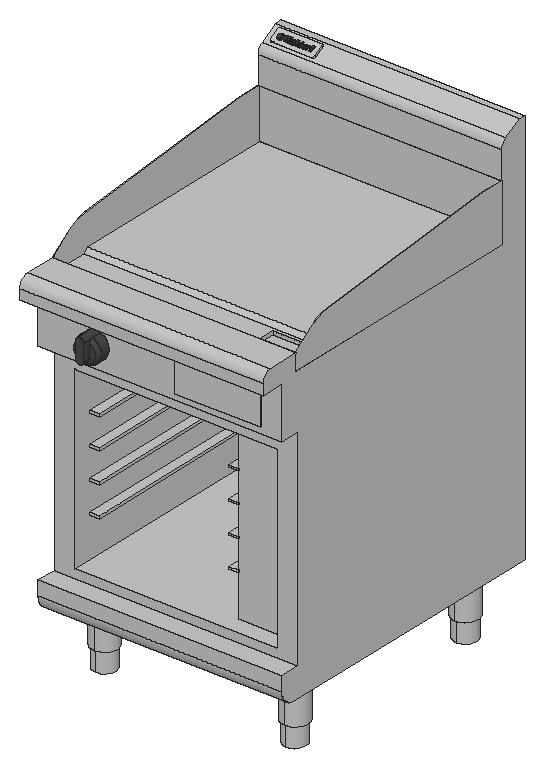
Revit family "QF_MOFFAT WALDORF_GP8600E-CB ", category Specialty Equipment, Revit 2012
Parameters
  Weight in Pounds = 264.5544  # constant formula
  Width [instance] = 600.00 mm  # constant formula
  Watts = 7200 W
  Volts = 240 V
  URL Cutsheet = "www.moffat.com"
  URL = "www.moffat.com"
  Type Mark [instance] = ""
  Status [instance] = ""
  Specification by User [instance] = ""
  Specification by Manufacturer = ""
  Show Logo [instance] = yes
  Show Casters [instance] = no
  Serial Number = ""
  Seismic Rating = ""
  SMACNA No = ""
  Revision Code [instance] = ""
  Phase = 1
  Omniclass Number and Title = ""
  Number of Poles = 1
  NAFEM Spec ID Number = ""
  Model = "GP8600E-CB"
  Min Ckt Ampacity = 0 A
  Max Overcurrent Protection = 0 A
  Masterspec = ""
  Manufacturer = "MOFFAT WALDORF"
  Legs [instance] = not(Show Casters)  # yes
  Item Number [instance] = ""
  Installed By [instance] = ""
  Identify Quantity as Lot [instance] = yes
  Height = 1130.00 mm  # constant formula
  HP = ""
  Furnished By [instance] = ""
  Foodservice Equipment Identifier [instance] = yes
  FL Amps = 30 A
  Elec Conn RI Height = 0.00 mm
  Elec Conn Connection Height = 0.00 mm
  Description = "GRIDDLE PLATE ELECTRIC ON CABINET BASE"
  Depth [instance] = 805.00 mm  # constant formula
  Cycle = 50 Hz
  Conn Plug = ""
  Conn Conduit = yes
  CSI MasterFormat = ""
  CSI Master Format = ""
  Back Splash [instance] = 215.00 mm  # constant formula
  Apparent Power = if(Phase = 3, Volts * FL Amps * 1.73, Volts * FL Amps)  # 7200 VA
Reference planes
  plane 1 "BACK": y = 0
  plane 2: z = 0
  plane 3 "LEFT": x = 0
  plane 4 "RIGHT": x = 600
  plane 5 "FRONT": y = -805
  plane 6 "TOP": z = 1130
  plane 7 "Center Y": x = 300
  plane 8 "Center X": y = -402.5
  plane 9 "Base Height": z = 150
  plane 10: z = 915
  plane 11: x = 65
  plane 12: x = 534
  plane 13: y = -625
  plane 14: y = -100
  plane 15: x = 470
  plane 16: y = -32
  plane 17: z = 710
Forms (mm)
  Extrusion 1, solid, material "QF_Finishes_Stainless Steel"
    sketch origin (0, 0, 0) x (0, 1, 0) y (0, 0, 1)
      loop
        line (-699, 222.5) -> (-749, 222.5) -> (-749, 188)
        arc (-749, 188) -> (-737.87, 161.13) -> (-711, 150) r 38
        line (-711, 150) -> (-699, 150) -> (-699, 222.5)
      loop
        line (-100, 150) -> (0, 150) -> (0, 1130) -> (-16.5, 1130) -> (-58, 1106.04)
        arc (-58, 1106.04) -> (-66.785, 1097.255) -> (-70, 1085.255) r 24
        line (-70, 1085.255) -> (-70, 875) -> (-705, 875) -> (-705, 915) -> (-781, 915)
        arc (-781, 915) -> (-797.971, 907.971) -> (-805, 891) r 24
        line (-805, 891) -> (-805, 866) -> (-749, 866) -> (-749, 740) -> (-100, 740) -> (-100, 150)
    from 0 to 600
  Revolve 2, solid, material "QF_Finishes_Stainless Steel", visible <- "Legs"
    sketch origin (534, -210, 0) x (0, 1, 0) y (0, 0, -1)
      loop
        line (78.25, -150) -> (110, -150) -> (110, 0) -> (82.5, 0) -> (82.5, -50) -> (78.25, -50) -> (78.25, -150)
      axis (110, -150) -> (110, 0)
    angle from 0 to 360
  Revolve 3, solid, material "QF_Finishes_Stainless Steel"
    sketch origin (534, -735, 0) x (0, 1, 0) y (0, 0, -1)
      loop
        line (78.25, -150) -> (110, -150) -> (110, 0) -> (82.5, 0) -> (82.5, -50) -> (78.25, -50) -> (78.25, -150)
      axis (110, -150) -> (110, 0)
    angle from 0 to 360
  Revolve 4, solid, material "QF_Finishes_Stainless Steel", visible <- "Legs"
    sketch origin (65, -210, 0) x (0, 1, 0) y (0, 0, -1)
      loop
        line (78.25, -150) -> (110, -150) -> (110, 0) -> (82.5, 0) -> (82.5, -50) -> (78.25, -50) -> (78.25, -150)
      axis (110, -150) -> (110, 0)
    angle from 0 to 360
  Revolve 5, solid, material "QF_Finishes_Stainless Steel"
    sketch origin (65, -735, 0) x (0, 1, 0) y (0, 0, -1)
      loop
        line (78.25, -150) -> (110, -150) -> (110, 0) -> (82.5, 0) -> (82.5, -50) -> (78.25, -50) -> (78.25, -150)
      axis (110, -150) -> (110, 0)
    angle from 0 to 360
  Revolve 6, solid, material "QF_Finishes_Black"
    sketch origin (150, 0, 602.373) x (0, 1, 0) y (0, 0, -1)
      loop
        line (-782, -229.5) -> (-759, -229.5) -> (-759, -202) -> (-749, -202) -> (-749, -197) -> (-793, -197) -> (-793, -223.651) -> (-782, -229.5)
      axis (-793, -197) -> (-749, -197)
    angle from 0 to 360
  Extrusion 7, solid, material "QF_Finishes_Black"
    sketch origin (288.27, 0, 602.531) x (-1, 0, 0) y (0, 0, -1)
      loop
        arc (148.269, -184.969) -> (138.269, -174.969) -> (128.269, -184.969) r 10
        line (128.269, -184.969) -> (128.269, -223.969)
        arc (128.269, -223.969) -> (138.269, -233.969) -> (148.269, -223.969) r 10
        line (148.269, -223.969) -> (148.269, -184.969)
    from 759 to 808
  Extrusion 8, solid, material "QF_Finishes_Stainless Steel"
    sketch origin (0, -749, 866) x (0, 0, -1) y (1, 0, 0)
      loop
        line (24, 340) -> (111, 340) -> (111, 550) -> (24, 550) -> (24, 340)
    from 0 to 2.5
  Extrusion 9, solid, material "QF_Finishes_Stainless Steel"
    sketch origin (0, -751.5, 866) x (0, 0, -1) y (1, 0, 0)
      loop
        line (31, 550) -> (24, 550) -> (24, 340) -> (31, 340) -> (31, 550)
    from 0 to 5
  Extrusion 10, solid, material "QF_Finishes_Stainless Steel"
    sketch origin (0, 0, 740) x (0, -1, 0) y (-1, 0, 0)
      loop
        circle (32, -470) r 10
    from 0 to 30
  Extrusion 11, solid, material "QF_Finishes_Stainless Steel"
    sketch origin (0, -100, 150) x (0, 0, 1) y (-1, 0, 0)
      loop
        line (0, 0) -> (0, -600) -> (590, -600) -> (590, 0) -> (0, 0)
      loop
        line (535, -50) -> (92.5, -50) -> (92.5, -550) -> (535, -550) -> (535, -50)
    from 0 to 599
  Extrusion 12, void
    sketch origin (0, 0, 150) x (-1, 0, 0) y (0, -1, 0)
      loop
        line (-535.614, 87.26) -> (-535.614, -30.24) -> (-406.114, -30.24) -> (-406.114, 38.76) -> (-454.614, 87.26) -> (-535.614, 87.26)
    from 72.5 to 590
  Extrusion 13, solid, material "QF_Finishes_Stainless Steel"
    sketch origin (0, -100, 150) x (0, 0, 1) y (-1, 0, 0)
      loop
        line (268.75, -50) -> (268.75, -75) -> (275.1, -75) -> (275.1, -50) -> (268.75, -50)
      loop
        line (350.1, -75) -> (350.1, -50) -> (343.75, -50) -> (343.75, -75) -> (350.1, -75)
      loop
        line (193.75, -50) -> (193.75, -75) -> (200.1, -75) -> (200.1, -50) -> (193.75, -50)
      loop
        line (425.1, -75) -> (425.1, -50) -> (418.75, -50) -> (418.75, -75) -> (425.1, -75)
      loop
        line (268.75, -419.5) -> (275.1, -419.5) -> (275.1, -394.5) -> (268.75, -394.5) -> (268.75, -419.5)
      loop
        line (350.1, -394.5) -> (343.75, -394.5) -> (343.75, -419.5) -> (350.1, -419.5) -> (350.1, -394.5)
      loop
        line (193.75, -419.5) -> (200.1, -419.5) -> (200.1, -394.5) -> (193.75, -394.5) -> (193.75, -419.5)
      loop
        line (425.1, -394.5) -> (418.75, -394.5) -> (418.75, -419.5) -> (425.1, -419.5) -> (425.1, -394.5)
    from 0 to 554
  Extrusion 14, solid, material "QF_Finishes_Stainless Steel"
    sketch origin (0, -100, 150) x (0, 0, 1) y (-1, 0, 0)
      loop
        line (535, -550) -> (535, -419.5) -> (92.5, -419.5) -> (92.5, -550) -> (535, -550)
    from 546.898 to 554
Cuts and joins
  joined: Extrusion 8, Extrusion 9
  Extrusion 12 cuts Extrusion 1
  joined: Extrusion 1, Extrusion 11
Lines and regions (mm)
  Split face 1
    outline origin (12.5, -16.5, 1130) x (0, -0.866025, -0.5) y (1, 0, 0)
      loop
        line (5.391, 151.462) -> (40.361, 151.462) -> (40.361, 169.241) -> (5.391, 169.241) -> (5.391, 151.462)
  Split face 2
    outline origin (66.25, -16.5, 1130) x (0, -0.866025, -0.5) y (1, 0, 0)
      loop
        line (5.391, 151.462) -> (40.361, 151.462) -> (40.361, 169.241) -> (5.391, 169.241) -> (5.391, 151.462)
  Split face 3
    outline origin (120, -16.5, 1130) x (0, -0.866025, -0.5) y (1, 0, 0)
      loop
        line (5.391, 151.462) -> (40.361, 151.462) -> (40.361, 169.241) -> (5.391, 169.241) -> (5.391, 151.462)
  Split face 4
    outline origin (173.75, -16.5, 1130) x (0, -0.866025, -0.5) y (1, 0, 0)
      loop
        line (5.391, 151.462) -> (40.361, 151.462) -> (40.361, 169.241) -> (5.391, 169.241) -> (5.391, 151.462)
  Split face 5
    outline origin (227.5, -16.5, 1130) x (0, -0.866025, -0.5) y (1, 0, 0)
      loop
        line (5.391, 151.462) -> (40.361, 151.462) -> (40.361, 169.241) -> (5.391, 169.241) -> (5.391, 151.462)
  Split face 6
    outline origin (281.25, -16.5, 1130) x (0, -0.866025, -0.5) y (1, 0, 0)
      loop
        line (5.391, 151.462) -> (40.361, 151.462) -> (40.361, 169.241) -> (5.391, 169.241) -> (5.391, 151.462)
  Split face 7
    outline origin (335, -16.5, 1130) x (0, -0.866025, -0.5) y (1, 0, 0)
      loop
        line (5.391, 151.462) -> (40.361, 151.462) -> (40.361, 169.241) -> (5.391, 169.241) -> (5.391, 151.462)
  symbolic lines
    curve 1: line (0, 0, 0) -> (0, -805, 0)
    curve 2: line (600, 0, 0) -> (0, 0, 0)
    curve 3: line (600, -805, 0) -> (600, 0, 0)
    curve 4: line (0, -70, 0) -> (600, -70, 0)
    curve 5: line (0, -805, 0) -> (600, -805, 0)
    curve 6: line (12.5, -20.958, 0) -> (121.5, -20.958, 0)
    curve 7: line (12.5, -51.234, 0) -> (12.5, -20.958, 0)
    curve 8: line (121.5, -20.958, 0) -> (121.5, -51.234, 0)
    curve 9: line (12.5, -51.234, 0) -> (121.5, -51.234, 0)
    curve 10: line (181.741, -21.168, 0) -> (181.741, -51.453, 0)
    curve 11: line (181.741, -51.453, 0) -> (163.962, -51.453, 0)
    curve 12: line (163.962, -51.453, 0) -> (163.962, -21.168, 0)
    curve 13: line (163.962, -21.168, 0) -> (181.741, -21.168, 0)
    curve 14: line (217.712, -51.453, 0) -> (217.712, -21.168, 0)
    curve 15: line (217.712, -21.168, 0) -> (235.491, -21.168, 0)
    curve 16: line (235.491, -21.168, 0) -> (235.491, -51.453, 0)
    curve 17: line (235.491, -51.453, 0) -> (217.712, -51.453, 0)
    curve 18: line (271.462, -51.453, 0) -> (271.462, -21.168, 0)
    curve 19: line (271.462, -21.168, 0) -> (289.241, -21.168, 0)
    curve 20: line (289.241, -21.168, 0) -> (289.241, -51.453, 0)
    curve 21: line (289.241, -51.453, 0) -> (271.462, -51.453, 0)
    curve 22: line (325.212, -21.168, 0) -> (325.212, -51.453, 0)
    curve 23: line (325.212, -51.453, 0) -> (342.991, -51.453, 0)
    curve 24: line (342.991, -51.453, 0) -> (342.991, -21.168, 0)
    curve 25: line (342.991, -21.168, 0) -> (325.212, -21.168, 0)
    curve 26: line (378.962, -51.453, 0) -> (378.962, -21.168, 0)
    curve 27: line (378.962, -21.168, 0) -> (396.741, -21.168, 0)
    curve 28: line (396.741, -21.168, 0) -> (396.741, -51.453, 0)
    curve 29: line (396.741, -51.453, 0) -> (378.962, -51.453, 0)
    curve 30: line (432.712, -21.168, 0) -> (432.712, -51.453, 0)
    curve 31: line (432.712, -51.453, 0) -> (450.491, -51.453, 0)
    curve 32: line (450.491, -51.453, 0) -> (450.491, -21.168, 0)
    curve 33: line (450.491, -21.168, 0) -> (432.712, -21.168, 0)
    curve 34: line (486.462, -51.453, 0) -> (486.462, -21.168, 0)
    curve 35: line (486.462, -21.168, 0) -> (504.241, -21.168, 0)
    curve 36: line (504.241, -21.168, 0) -> (504.241, -51.453, 0)
    curve 37: line (504.241, -51.453, 0) -> (486.462, -51.453, 0)
Dimensions and locks
  equal spacing: plane 3 "LEFT", plane 7 "Center Y", plane 4 "RIGHT"
  "Width": plane 3 "LEFT" to plane 4 "RIGHT"
  equal spacing: plane 5 "FRONT", plane 8 "Center X", plane 1 "BACK"
  "Depth": plane 5 "FRONT" to plane 1 "BACK"
  locked: plane 10 to level at 915
  locked: plane 9 "Base Height" to level at 150
  plane 6 "TOP" to nested 1 to nested 1 to plane 10 = 1.099 mm locked, 17.226 mm locked, 196.675 mm
  plane 13 to plane 14 = 525.00 mm
  plane 12 to plane 11 = 469.00 mm
  "Height": plane 6 "TOP" to level
  plane 15 to plane 4 "RIGHT" = 130.00 mm
  plane 16 to plane 1 "BACK" = 32.00 mm
  plane 17 to level = 710.00 mm
  aligned and locked: level to plane 2
Automatic sketch dimensions
  plane 1 "BACK" to curve 1 = 0.00 mm
  curve 1 to plane 3 "LEFT" = 0.00 mm
  curve 3 to plane 4 "RIGHT" = 0.00 mm
  plane 5 "FRONT" to curve 5 = 0.00 mm
  plane 3 "LEFT" to curve 6 = 12.50 mm
  plane 11 to curve 9 = 56.50 mm
  plane 14 to curve 4 = 30.00 mm
  curve 4 to curve 7 = 18.766 mm
  plane 1 "BACK" to curve 6 = 20.958 mm
  Revolve 2 sketch curve to plane 9 "Base Height" = 0.00 mm
  Revolve 2 sketch curve to level = 0.00 mm
  Revolve 2 sketch curve to plane 14 = 0.00 mm  (x2)
  Revolve 2 sketch curve to plane 14 = 27.50 mm
  Revolve 2 sketch curve to plane 14 = 31.75 mm
  level to Revolve 2 sketch curve = 50.00 mm
  Revolve 2 sketch curve to Revolve 2 sketch curve = 0.00 mm
  Revolve 2 sketch curve to Revolve 2 sketch curve = 55.00 mm
  Revolve 3 sketch curve to plane 9 "Base Height" = 0.00 mm
  Revolve 3 sketch curve to level = 0.00 mm
  Revolve 3 sketch curve to plane 13 = 0.00 mm  (x2)
  Revolve 3 sketch curve to plane 13 = 27.50 mm
  Revolve 3 sketch curve to plane 13 = 31.75 mm
  level to Revolve 3 sketch curve = 50.00 mm
  Revolve 3 sketch curve to Revolve 3 sketch curve = 0.00 mm
  Revolve 3 sketch curve to Revolve 3 sketch curve = 55.00 mm
  Revolve 4 sketch curve to plane 9 "Base Height" = 0.00 mm
  Revolve 4 sketch curve to level = 0.00 mm
  Revolve 4 sketch curve to plane 14 = 0.00 mm  (x2)
  Revolve 4 sketch curve to plane 14 = 27.50 mm
  Revolve 4 sketch curve to plane 14 = 31.75 mm
  level to Revolve 4 sketch curve = 50.00 mm
  Revolve 4 sketch curve to Revolve 4 sketch curve = 0.00 mm
  Revolve 4 sketch curve to Revolve 4 sketch curve = 55.00 mm
  Revolve 5 sketch curve to plane 9 "Base Height" = 0.00 mm
  Revolve 5 sketch curve to level = 0.00 mm
  Revolve 5 sketch curve to plane 13 = 0.00 mm  (x2)
  Revolve 5 sketch curve to plane 13 = 27.50 mm
  Revolve 5 sketch curve to plane 13 = 31.75 mm
  level to Revolve 5 sketch curve = 50.00 mm
  Revolve 5 sketch curve to Revolve 5 sketch curve = 0.00 mm
  Revolve 5 sketch curve to Revolve 5 sketch curve = 55.00 mm
  Extrusion 1 to Split face 1 sketch curve = 5.391 mm
  Split face 1 sketch curve to Extrusion 1 = 7.559 mm
  Split face 1 sketch curve to Extrusion 1 = 163.962 mm
  Split face 1 sketch curve to Split face 1 sketch curve = 17.779 mm
  Extrusion 1 to Split face 2 sketch curve = 5.391 mm
  Split face 2 sketch curve to Extrusion 1 = 7.559 mm
  Split face 2 sketch curve to Extrusion 1 = 217.712 mm
  Split face 2 sketch curve to Split face 2 sketch curve = 17.779 mm
  Extrusion 1 to Split face 3 sketch curve = 5.391 mm
  Split face 3 sketch curve to Extrusion 1 = 7.559 mm
  Split face 3 sketch curve to Extrusion 1 = 271.462 mm
  Split face 3 sketch curve to Split face 3 sketch curve = 17.779 mm
  Extrusion 1 to Split face 4 sketch curve = 5.391 mm
  Split face 4 sketch curve to Extrusion 1 = 7.559 mm
  Split face 4 sketch curve to Extrusion 1 = 274.788 mm
  Split face 4 sketch curve to Split face 4 sketch curve = 17.779 mm
  Extrusion 1 to Split face 5 sketch curve = 5.391 mm
  Split face 5 sketch curve to Extrusion 1 = 7.559 mm
  Split face 5 sketch curve to Extrusion 1 = 221.038 mm
  Split face 5 sketch curve to Split face 5 sketch curve = 17.779 mm
  Extrusion 1 to Split face 6 sketch curve = 5.391 mm
  Split face 6 sketch curve to Extrusion 1 = 7.559 mm
  Split face 6 sketch curve to Extrusion 1 = 167.288 mm
  Split face 6 sketch curve to Split face 6 sketch curve = 17.779 mm
  Extrusion 1 to Split face 7 sketch curve = 5.391 mm
  Split face 7 sketch curve to Extrusion 1 = 7.559 mm
  Split face 7 sketch curve to Extrusion 1 = 113.538 mm
  Split face 7 sketch curve to Split face 7 sketch curve = 17.779 mm
  curve 8 to curve 12 = 42.462 mm
  curve 12 to curve 13 = 17.779 mm
  curve 12 to curve 8 = 0.219 mm
  plane 1 "BACK" to curve 10 = 21.168 mm
  curve 10 to curve 15 = 35.971 mm
  curve 14 to curve 17 = 17.779 mm
  curve 10 to curve 17 = 0.00 mm
  plane 1 "BACK" to curve 15 = 21.168 mm
  curve 18 to plane 7 "Center Y" = 28.538 mm
  curve 21 to plane 7 "Center Y" = 10.759 mm
  curve 16 to curve 18 = 0.00 mm
  plane 1 "BACK" to curve 20 = 21.168 mm
  plane 7 "Center Y" to curve 23 = 25.212 mm
  curve 22 to curve 25 = 17.779 mm
  plane 14 to curve 24 = 48.547 mm
  plane 1 "BACK" to curve 25 = 21.168 mm
  curve 24 to curve 27 = 35.971 mm
  curve 26 to curve 29 = 17.779 mm
  plane 14 to curve 29 = 48.547 mm
  plane 1 "BACK" to curve 26 = 21.168 mm
  curve 28 to curve 30 = 35.971 mm
  curve 30 to curve 33 = 17.779 mm
  plane 14 to curve 32 = 48.547 mm
  plane 1 "BACK" to curve 33 = 21.168 mm
  curve 31 to curve 34 = 35.971 mm
  curve 34 to curve 37 = 17.779 mm
  plane 14 to curve 37 = 48.547 mm
  plane 1 "BACK" to curve 34 = 21.168 mm
  Revolve 6 sketch curve to plane 5 "FRONT" = 12.00 mm
  Revolve 6 sketch curve to Revolve 6 sketch curve = 0.00 mm  (x2)
  Revolve 6 sketch curve to Revolve 6 sketch curve = 11.00 mm
  Revolve 6 sketch curve to Revolve 6 sketch curve = 12.70 mm
  Revolve 6 sketch curve to Revolve 6 sketch curve = 23.00 mm
  Revolve 6 sketch curve to Revolve 6 sketch curve = 10.00 mm
  plane 9 "Base Height" to Revolve 6 sketch curve = 681.873 mm
  Revolve 6 sketch curve to Revolve 6 sketch curve = 5.849 mm
  Revolve 6 sketch curve to Revolve 6 sketch curve = 27.50 mm
  Revolve 6 sketch curve to Revolve 6 sketch curve = 5.00 mm
  plane 11 to Extrusion 7 sketch curve = 95.001 mm
  Extrusion 7 sketch curve to Extrusion 7 sketch curve = 10.00 mm
  plane 9 "Base Height" to Extrusion 7 sketch curve = 676.50 mm
  plane 9 "Base Height" to Extrusion 7 sketch curve = 637.50 mm
  Extrusion 9 sketch curve to Extrusion 8 = 0.00 mm  (x2)
  Extrusion 8 to Extrusion 9 sketch curve = 0.00 mm
  Extrusion 9 sketch curve to Extrusion 8 = 7.00 mm
  Extrusion 1 to Extrusion 8 sketch curve = 24.00 mm
  Extrusion 8 sketch curve to Extrusion 1 = 15.00 mm
  Extrusion 1 to Extrusion 8 sketch curve = 260.00 mm
  Extrusion 1 to Extrusion 8 sketch curve = 50.00 mm
  Extrusion 1 sketch curve to plane 5 "FRONT" = 0.00 mm
  Extrusion 1 sketch curve to plane 10 = 0.00 mm
  Extrusion 1 sketch curve to plane 9 "Base Height" = 0.00 mm  (x2)
  Extrusion 1 sketch curve to plane 14 = 0.00 mm
  Extrusion 1 sketch curve to plane 6 "TOP" = 0.00 mm
  Extrusion 1 sketch curve to plane 1 "BACK" = 0.00 mm
  Extrusion 1 sketch curve to plane 5 "FRONT" = 24.00 mm
  Extrusion 1 sketch curve to plane 5 "FRONT" = 56.00 mm  (x2)
  Extrusion 1 sketch curve to Extrusion 1 sketch curve = 38.00 mm
  Extrusion 1 sketch curve to Extrusion 1 sketch curve = 44.00 mm
  Extrusion 1 sketch curve to Extrusion 1 sketch curve = 12.00 mm  (x2)
  plane 14 to Extrusion 1 sketch curve = 30.00 mm
  Extrusion 1 sketch curve to plane 16 = 14.00 mm
  plane 16 to Extrusion 1 sketch curve = 15.50 mm
  Extrusion 1 sketch curve to Extrusion 1 sketch curve = 34.50 mm
  Extrusion 1 sketch curve to Extrusion 1 sketch curve = 25.00 mm
  Extrusion 1 sketch curve to plane 10 = 40.00 mm
  Extrusion 1 sketch curve to plane 6 "TOP" = 44.745 mm
  Extrusion 1 to Extrusion 11 sketch curve = 0.00 mm
  Extrusion 11 sketch curve to Extrusion 1 = 0.00 mm  (x2)
  Extrusion 1 to Extrusion 11 sketch curve = 92.50 mm
  Extrusion 11 sketch curve to Extrusion 11 sketch curve = 92.50 mm
  Extrusion 1 to Extrusion 11 sketch curve = 50.00 mm  (x2)
  Extrusion 1 to Extrusion 11 sketch curve = 55.00 mm
  Extrusion 12 sketch curve to plane 12 = 1.614 mm
  Extrusion 12 sketch curve to plane 15 = 15.386 mm
  Extrusion 12 sketch curve to plane 16 = 6.76 mm
  Extrusion 12 sketch curve to plane 15 = 63.886 mm
  Extrusion 12 sketch curve to plane 1 "BACK" = 30.24 mm
  plane 14 to Extrusion 12 sketch curve = 12.74 mm
  Extrusion 1 to Extrusion 14 sketch curve = 92.50 mm
  Extrusion 1 to Extrusion 14 sketch curve = 55.00 mm
  Extrusion 1 to Extrusion 14 sketch curve = 50.00 mm
  Extrusion 14 sketch curve to Extrusion 14 sketch curve = 130.50 mm
  Extrusion 1 to Extrusion 13 sketch curve = 50.00 mm  (x2)
  Extrusion 1 to Extrusion 13 sketch curve = 193.75 mm  (x2)
  Extrusion 13 sketch curve to Extrusion 13 sketch curve = 6.35 mm  (x8)
  Extrusion 13 sketch curve to Extrusion 13 sketch curve = 68.65 mm  (x6)
  Extrusion 13 sketch curve to Extrusion 13 sketch curve = 25.00 mm  (x8)
  Extrusion 13 sketch curve to Extrusion 13 sketch curve = 0.00 mm  (x4)
  Extrusion 1 to Extrusion 13 sketch curve = 75.00 mm
  Extrusion 1 to Extrusion 13 sketch curve = 205.50 mm
  Extrusion 12 to Extrusion 10 sketch curve = 63.886 mm
  Extrusion 12 to Extrusion 10 sketch curve = 55.26 mm
  Extrusion 1 sketch curve to Extrusion 1 sketch curve = 135.00 mm
  radius of Extrusion 10 sketch curve = 10.00 mm
Nested families
  nested 1: "WALDORF-LOGO" at (12.5, -35.273, 1102.604), visible <- "Show Logo", type "WALDORF-LOGO", detail levels medium+fine
    with Type Mark "", Status "", Specification by User "", Revision Code "", Item Number "", Installed By "", Identify Quantity as Lot yes, Furnished By "", Foodservice Equipment Identifier yes
  nested 2: "GP8600E-CB-CASTERS" at (65, -127.5, 0), Show Casters <- "Show Casters", visible <- "Show Casters", type "GP8600E-CB-CASTERS"
    with Type Mark "", Status "", Specification by User "", Show Casters no, Revision Code "", Item Number "", Installed By "", Identify Quantity as Lot yes, Furnished By "", Foodservice Equipment Identifier yes
  nested 3: "GP8600E-CB-CASTERS" at (535, -127.5, 0), Show Casters <- "Show Casters", visible <- "Show Casters", type "GP8600E-CB-CASTERS"
    with Type Mark "", Status "", Specification by User "", Show Casters no, Revision Code "", Item Number "", Installed By "", Identify Quantity as Lot yes, Furnished By "", Foodservice Equipment Identifier yes
  nested 4: "GAS GRIDDLE PLATE" at (0, -70, 884.5), type "GAS GRIDDLE PLATE"
    with Type Mark "", Status "", Specification by User "", Show Clearance yes, Revision Code "", Number of Poles 1, Mechanical Remarks "", Mechanical Connection Type "", Item Number "", Installed By "", Identify Quantity as Lot yes, Gas RI Height 0.00 mm, Gas KW 0, Gas Input 0.0 Btu/h, Furnished By "", Foodservice Equipment Identifier yes, Electrical Remarks "", Electric Connection Type "", Elec Conn RI Height 0.00 mm, Elec Conn Connection Height 0.00 mm
Connectors
  electrical at (470, -32, 710), driven by "Volts", driven by "Watts"
    settings: on Extrusion 10, index 1, voltage 240 V, apparent load 7200 VA, apparent load phase1 0 VA, apparent load phase2 0 VA, apparent load phase3 0 VA, power factor 1, load classification "Other", number of poles 1, system type 30, power factor state 1, is connector primary yes, connector utility no, sub classification motor no, connector description "ELECTRICAL CONNECTION"
Definition of nested family "WALDORF-LOGO"
  Parameters (values of type "BT8300-CB-LOGO")
    Weight in Pounds = 0
    URL Cutsheet = ""
    Type Mark [instance] = ""
    Status [instance] = ""
    Specification by User [instance] = ""
    Specification by Manufacturer = ""
    Show Logo [instance] = yes
    Serial Number = ""
    Seismic Rating = ""
    SMACNA No = ""
    Revision Code [instance] = ""
    Omniclass Number and Title = ""
    NAFEM Spec ID Number = ""
    Masterspec = ""
    Item Number [instance] = ""
    Installed By [instance] = ""
    Identify Quantity as Lot [instance] = yes
    Furnished By [instance] = ""
    Foodservice Equipment Identifier [instance] = yes
    CSI MasterFormat = ""
    CSI Master Format = ""
  Reference planes
    plane 1 "BACK": y = 0
    plane 2: z = 0
    plane 3 "LEFT": x = 0
    plane 4 "RIGHT": x = 109
    plane 5 "FRONT": y = -1.588
    plane 6 "TOP": z = 34.14
    plane 7 "Center Y": x = 54.5
    plane 8 "Center X": y = -0.794
  Forms (mm)
    Extrusion 1, solid, material "QF_Finishes_Stainless Steel", visible <- "Show Logo"
      sketch origin (0, -15.16, 7.701) x (1, 0, 0) y (0, 0.863373, 0.504566)
        loop
          arc (5, 34.14) -> (1.464, 32.676) -> (0, 29.14) r 5
          line (0, 29.14) -> (0, 5)
          arc (0, 5) -> (1.464, 1.464) -> (5, 0) r 5
          line (5, 0) -> (104, 0)
          arc (104, 0) -> (107.536, 1.464) -> (109, 5) r 5
          line (109, 5) -> (109, 29.14)
          arc (109, 29.14) -> (107.536, 32.676) -> (104, 34.14) r 5
          line (104, 34.14) -> (5, 34.14)
      from 0 to 1.588
    Extrusion 2, solid, material "QF_Finishes_Black", visible <- "Show Logo"
      sketch origin (0, -15.961, 9.072) x (1, 0, 0) y (0, 0.863373, 0.504566)
        loop
          line (24.772, 23.214) -> (27.992, 10.301) -> (31.551, 10.301) -> (33.443, 17.364) -> (35.205, 10.301) -> (39.332, 10.301) -> (42.077, 23.214) -> (38.352, 23.214) -> (36.676, 15.33) -> (35, 23.214) -> (31.752, 23.214) -> (30.076, 15.33) -> (28.4, 23.214) -> (24.772, 23.214)
        loop
          line (42.272, 17.055) -> (45.703, 17.055)
          spline (45.703, 17.055) -> (45.741, 17.285) -> (45.852, 17.499) -> (46.028, 17.682) -> (46.258, 17.823) -> (46.526, 17.912) -> (46.813, 17.942) -> (47.1, 17.912) -> (47.368, 17.823) -> (47.597, 17.682) -> (47.774, 17.499) -> (47.884, 17.285) -> (47.922, 17.055)
          line (47.922, 17.055) -> (47.922, 16.222)
          arc (47.922, 16.222) -> (45.742, 16.014) -> (43.665, 15.317) r 9.604
          arc (43.665, 15.317) -> (41.924, 12.809) -> (43.665, 10.301) r 2.677
          arc (43.665, 10.301) -> (45.527, 10.353) -> (47.332, 10.816) r 8.365
          line (47.332, 10.816) -> (48.092, 11.105) -> (48.092, 10.301) -> (51.817, 10.301) -> (51.817, 17.055)
          spline (51.817, 17.055) -> (51.654, 17.821) -> (51.178, 18.535) -> (50.419, 19.148) -> (49.431, 19.619) -> (48.28, 19.914) -> (47.044, 20.015) -> (45.809, 19.914) -> (44.658, 19.619) -> (43.67, 19.148) -> (42.911, 18.535) -> (42.434, 17.821) -> (42.272, 17.055)
        loop
          line (53.151, 23.214) -> (53.151, 10.301) -> (57.37, 10.301) -> (57.37, 23.214) -> (53.151, 23.214)
        loop
          line (64.874, 23.214) -> (64.874, 18.857)
          arc (64.874, 18.857) -> (58.083, 15.11) -> (64.874, 11.363) r 4.429
          line (64.874, 11.363) -> (64.874, 10.301) -> (68.378, 10.301) -> (68.378, 23.214) -> (64.874, 23.214)
        loop
          arc (64.874, 16.083) -> (61.41, 14.987) -> (64.874, 13.891) r 1.905
          line (64.874, 13.891) -> (64.874, 16.083)
        loop
          circle (74.623, 15.223) r 5
        loop
          spline (74.623, 17.856) -> (74.355, 17.766) -> (74.105, 17.503) -> (73.891, 17.084) -> (73.726, 16.539) -> (73.623, 15.904) -> (73.588, 15.223) -> (73.623, 14.541) -> (73.726, 13.906) -> (73.891, 13.361) -> (74.105, 12.942) -> (74.355, 12.679) -> (74.623, 12.59)
          spline (74.623, 12.59) -> (74.891, 12.679) -> (75.141, 12.942) -> (75.355, 13.361) -> (75.52, 13.906) -> (75.623, 14.541) -> (75.659, 15.223) -> (75.623, 15.904) -> (75.52, 16.539) -> (75.355, 17.084) -> (75.141, 17.503) -> (74.891, 17.766) -> (74.623, 17.856)
        loop
          line (81.255, 19.813) -> (81.255, 10.301) -> (84.834, 10.301) -> (84.834, 14.176)
          arc (84.834, 14.176) -> (85.854, 16.093) -> (88.013, 16.32) r 2.313
          line (88.013, 16.32) -> (88.013, 19.813) -> (87.161, 19.813)
          arc (87.161, 19.813) -> (85.526, 19.266) -> (84.549, 17.844) r 2.717
          line (84.549, 17.844) -> (84.549, 19.813) -> (81.255, 19.813)
        loop
          line (90.249, 19.813) -> (88.91, 19.813) -> (88.91, 17.614) -> (90.249, 17.614) -> (90.249, 10.301) -> (93.998, 10.301) -> (93.998, 17.614) -> (95.418, 17.614) -> (95.418, 19.813) -> (93.998, 19.813)
          arc (93.998, 19.813) -> (94.414, 20.817) -> (95.418, 21.233) r 1.42
          line (95.418, 21.233) -> (95.418, 23.602) -> (93.317, 23.602)
          arc (93.317, 23.602) -> (91.343, 22.903) -> (90.249, 21.118) r 3.137
          line (90.249, 21.118) -> (90.249, 19.813)
        loop
          arc (15.241, 23.571) -> (8.392, 16.525) -> (15.241, 9.479) r 7.049
          line (15.241, 9.479) -> (15.241, 23.571)
        loop
          line (15.641, 23.571) -> (15.641, 9.479)
          arc (15.641, 9.479) -> (22.49, 16.525) -> (15.641, 23.571) r 7.049
        loop
          arc (47.922, 14.711) -> (46.266, 13.749) -> (47.922, 12.787) r 1.107
          line (47.922, 12.787) -> (47.922, 14.711)
      from 0 to 0.2
  Dimensions and locks
    equal spacing: plane 3 "LEFT", plane 7 "Center Y", plane 4 "RIGHT"
    plane 3 "LEFT" to plane 4 "RIGHT" = 109.00 mm
    equal spacing: plane 5 "FRONT", plane 8 "Center X", plane 1 "BACK"
    plane 5 "FRONT" to plane 1 "BACK" = 1.588 mm
    aligned and locked: level to plane 2
  Automatic sketch dimensions
    Extrusion 1 sketch curve to plane 3 "LEFT" = 0.00 mm
    Extrusion 1 sketch curve to plane 4 "RIGHT" = 0.00 mm
    plane 3 "LEFT" to Extrusion 1 sketch curve = 5.00 mm  (x2)
    plane 4 "RIGHT" to Extrusion 1 sketch curve = 5.00 mm  (x2)
    Extrusion 1 sketch curve to Extrusion 1 sketch curve = 24.14 mm
    Extrusion 2 sketch curve to Extrusion 2 sketch curve = 0.00 mm  (x14)
    Extrusion 2 sketch curve to Extrusion 1 = 15.241 mm
    Extrusion 2 sketch curve to Extrusion 2 sketch curve = 0.20 mm
    Extrusion 2 sketch curve to Extrusion 2 sketch curve = 0.40 mm
    Extrusion 2 sketch curve to Extrusion 2 sketch curve = 9.131 mm
    Extrusion 2 sketch curve to Extrusion 1 = 10.301 mm  (x2)
    Extrusion 2 sketch curve to Extrusion 2 sketch curve = 12.351 mm
    Extrusion 2 sketch curve to Extrusion 2 sketch curve = 3.628 mm
    Extrusion 2 sketch curve to Extrusion 2 sketch curve = 2.084 mm
    Extrusion 2 sketch curve to Extrusion 2 sketch curve = 3.559 mm
    Extrusion 2 sketch curve to Extrusion 1 = 10.926 mm  (x2)
    Extrusion 2 sketch curve to Extrusion 2 sketch curve = 3.352 mm  (x2)
    Extrusion 2 sketch curve to Extrusion 2 sketch curve = 3.367 mm
    Extrusion 2 sketch curve to Extrusion 2 sketch curve = 3.249 mm
    Extrusion 2 sketch curve to Extrusion 2 sketch curve = 3.654 mm
    Extrusion 2 sketch curve to Extrusion 1 = 15.33 mm
    Extrusion 2 sketch curve to Extrusion 2 sketch curve = 3.233 mm
    Extrusion 2 sketch curve to Extrusion 2 sketch curve = 4.128 mm
    Extrusion 2 sketch curve to Extrusion 2 sketch curve = 3.725 mm
    Extrusion 2 sketch curve to Extrusion 2 sketch curve = 5.596 mm
    Extrusion 2 sketch curve to Extrusion 2 sketch curve = 4.333 mm
    Extrusion 2 sketch curve to Extrusion 2 sketch curve = 1.394 mm
    Extrusion 2 sketch curve to Extrusion 2 sketch curve = 2.092 mm
    Extrusion 2 sketch curve to Extrusion 2 sketch curve = 0.936 mm
    Extrusion 2 sketch curve to Extrusion 2 sketch curve = 1.34 mm
    Extrusion 2 sketch curve to Extrusion 2 sketch curve = 1.109 mm
    Extrusion 2 sketch curve to Extrusion 2 sketch curve = 0.232 mm
    Extrusion 2 sketch curve to Extrusion 2 sketch curve = 2.731 mm
    Extrusion 2 sketch curve to Extrusion 2 sketch curve = 0.549 mm  (x2)
    Extrusion 2 sketch curve to Extrusion 2 sketch curve = 0.407 mm
    Extrusion 2 sketch curve to Extrusion 2 sketch curve = 0.76 mm
    Extrusion 2 sketch curve to Extrusion 2 sketch curve = 1.334 mm
    Extrusion 2 sketch curve to Extrusion 2 sketch curve = 4.219 mm
    Extrusion 2 sketch curve to Extrusion 2 sketch curve = 5.142 mm
    Extrusion 2 sketch curve to Extrusion 2 sketch curve = 0.803 mm
    Extrusion 2 sketch curve to Extrusion 2 sketch curve = 1.558 mm
    Extrusion 2 sketch curve to Extrusion 2 sketch curve = 3.504 mm
    Extrusion 2 sketch curve to Extrusion 2 sketch curve = 6.245 mm
    Extrusion 2 sketch curve to Extrusion 2 sketch curve = 6.632 mm
    Extrusion 2 sketch curve to Extrusion 2 sketch curve = 3.294 mm
    Extrusion 2 sketch curve to Extrusion 2 sketch curve = 3.579 mm
    Extrusion 2 sketch curve to Extrusion 2 sketch curve = 2.313 mm
    Extrusion 2 sketch curve to Extrusion 2 sketch curve = 2.612 mm
    Extrusion 2 sketch curve to Extrusion 2 sketch curve = 0.852 mm
    Extrusion 2 sketch curve to Extrusion 2 sketch curve = 0.897 mm
    Extrusion 2 sketch curve to Extrusion 2 sketch curve = 3.102 mm
    Extrusion 2 sketch curve to Extrusion 2 sketch curve = 1.338 mm
    Extrusion 2 sketch curve to Extrusion 2 sketch curve = 3.068 mm
    Extrusion 2 sketch curve to Extrusion 2 sketch curve = 0.681 mm
    Extrusion 2 sketch curve to Extrusion 2 sketch curve = 3.749 mm
    Extrusion 2 sketch curve to Extrusion 2 sketch curve = 1.42 mm
    Extrusion 2 sketch curve to Extrusion 2 sketch curve = 5.029 mm  (x2)
    Extrusion 2 sketch curve to Extrusion 1 = 9.479 mm
    Extrusion 2 sketch curve to Extrusion 2 sketch curve = 3.681 mm
    Extrusion 2 sketch curve to Extrusion 2 sketch curve = 0.515 mm
    Extrusion 2 sketch curve to Extrusion 2 sketch curve = 0.804 mm
    Extrusion 2 sketch curve to Extrusion 2 sketch curve = 1.062 mm
    Extrusion 2 sketch curve to Extrusion 2 sketch curve = 1.682 mm
    Extrusion 2 sketch curve to Extrusion 2 sketch curve = 2.508 mm
    Extrusion 2 sketch curve to Extrusion 2 sketch curve = 0.962 mm
    Extrusion 2 sketch curve to Extrusion 2 sketch curve = 2.528 mm
    Extrusion 2 sketch curve to Extrusion 2 sketch curve = 3.875 mm
    Extrusion 2 sketch curve to Extrusion 2 sketch curve = 1.096 mm
    Extrusion 2 sketch curve to Extrusion 2 sketch curve = 0.123 mm
    Extrusion 2 sketch curve to Extrusion 2 sketch curve = 4.922 mm
    Extrusion 2 sketch curve to Extrusion 2 sketch curve = 7.046 mm
    Extrusion 2 sketch curve to Extrusion 2 sketch curve = 0.833 mm
    Extrusion 2 sketch curve to Extrusion 2 sketch curve = 0.776 mm
    Extrusion 2 sketch curve to Extrusion 2 sketch curve = 2.034 mm
    Extrusion 2 sketch curve to Extrusion 2 sketch curve = 7.314 mm
    Extrusion 2 sketch curve to Extrusion 2 sketch curve = 1.295 mm
    Extrusion 2 sketch curve to Extrusion 2 sketch curve = 0.749 mm
    Extrusion 2 sketch curve to Extrusion 2 sketch curve = 2.633 mm
    Extrusion 2 sketch curve to Extrusion 2 sketch curve = 2.198 mm  (x2)
    Extrusion 2 sketch curve to Extrusion 2 sketch curve = 1.968 mm
    Extrusion 2 sketch curve to Extrusion 2 sketch curve = 0.653 mm
    Extrusion 2 sketch curve to Extrusion 2 sketch curve = 1.305 mm
    Extrusion 2 sketch curve to Extrusion 2 sketch curve = 4.357 mm
    Extrusion 2 sketch curve to Extrusion 2 sketch curve = 6.159 mm
    radius of Extrusion 2 sketch curve = 5.00 mm
Definition of nested family "GAS GRIDDLE PLATE"
  Parameters (values of type "Family2")
    Weight in Pounds = 0
    Watts = 0 W
    Volts = 0 V
    URL Cutsheet = ""
    Type Mark [instance] = ""
    Status [instance] = ""
    Specification by User [instance] = ""
    Specification by Manufacturer = ""
    Show Clearance [instance] = yes
    Serial Number = ""
    Seismic Rating = ""
    SMACNA No = ""
    Revision Code [instance] = ""
    Phase = 1
    Omniclass Number and Title = ""
    Number of Poles [instance] = 1
    NAFEM Spec ID Number = ""
    Min Ckt Ampacity = 0 A
    Mechanical Remarks [instance] = ""
    Mechanical Connection Type [instance] = ""
    Max Overcurrent Protection = 0 A
    Masterspec = ""
    Item Number [instance] = ""
    Installed By [instance] = ""
    Identify Quantity as Lot [instance] = yes
    HP = ""
    Gas Size = 0"
    Gas RI Height [instance] = 0.00 mm
    Gas KW [instance] = 0
    Gas Input [instance] = 0.0 Btu/h
    Gas Connection Height = 0.00 mm
    Furnished By [instance] = ""
    Foodservice Equipment Identifier [instance] = yes
    FL Amps = 0 A
    Electrical Remarks [instance] = ""
    Electric Connection Type [instance] = ""
    Elec Conn RI Height [instance] = 0.00 mm
    Elec Conn Connection Height [instance] = 0.00 mm
    Cycle = 0 Hz
    Conn Plug = ""
    Conn Conduit = yes
    CSI MasterFormat = ""
    CSI Master Format = ""
    Apparent Power = if(Phase = 3, Volts * FL Amps * 1.73, Volts * FL Amps)  # 0 VA
  Reference planes
    plane 1 "BACK": y = 0
    plane 2: z = 0
    plane 3 "LEFT": x = 0
    plane 4 "RIGHT": x = 600
    plane 5 "FRONT": y = -634.4
    plane 6 "TOP": z = 142.5
    plane 7 "Center Y": x = 300
    plane 8 "Center X": y = -317.2
  Forms (mm)
    Extrusion 1, solid, material "QF_Finishes_Stainless Steel"
      sketch origin (0, 70.003, -884.5) x (0, 1, 0) y (0, 0, 1)
        loop
          line (-70, 875) -> (-70, 1017.5) -> (-126.948, 1017.5) -> (-604.433, 971.523)
          arc (-604.433, 971.523) -> (-629.46, 965.803) -> (-652.206, 953.899) r 100
          line (-652.206, 953.899) -> (-704.403, 917.35) -> (-704.403, 875) -> (-70, 875)
      from 0 to 1.8
    Extrusion 2, solid, material "QF_Finishes_Stainless Steel"
      sketch origin (600, 70.003, -884.5) x (0, -1, 0) y (0, 0, 1)
        loop
          line (70, 875) -> (704.403, 875) -> (704.403, 917.35) -> (652.206, 953.899)
          arc (652.206, 953.899) -> (629.46, 965.803) -> (604.433, 971.523) r 100
          line (604.433, 971.523) -> (126.948, 1017.5) -> (70, 1017.5) -> (70, 875)
      from 0 to 1.2
    Extrusion 3, solid, material "QF_Finishes_Stainless Steel"
      sketch origin (150, 70.003, -884.5) x (0, 1, 0) y (0, 0, 1)
        loop
          line (-70, 895) -> (-601, 895) -> (-611.5, 884.5) -> (-704.403, 884.5) -> (-704.403, 875) -> (-70, 875) -> (-70, 895)
      from -148.2 to 448.8
    Extrusion 4, void
      sketch origin (150, -541.497, 0) x (0, -1, 0) y (1, 0, 0)
        loop
          line (10, 414.3) -> (10, 325.8) -> (48.5, 325.8) -> (48.5, 414.3) -> (10, 414.3)
      from -41.4 to 40.142
    Extrusion 5, solid, material "QF_Finishes_Stainless Steel"
      sketch origin (150, 0.003, 201.574) x (0, 0, -1) y (1, 0, 0)
        loop
          line (68.574, -148.2) -> (191.074, -148.2) -> (191.074, 448.8) -> (68.574, 448.8) -> (68.574, -148.2)
      from 0 to 1.683
  Cuts and joins
    Extrusion 4 cuts Extrusion 3
  Lines and regions (mm)
    symbolic lines
      curve 1: line (598.8, -530.997, 0) -> (1.8, -530.997, 0)
      curve 2: line (1.8, -541.497, 0) -> (598.8, -541.497, 0)
      curve 3: line (475.8, -551.497, 0) -> (475.8, -589.997, 0)
      curve 4: line (475.8, -589.997, 0) -> (564.3, -589.997, 0)
      curve 5: line (564.3, -589.997, 0) -> (564.3, -551.497, 0)
      curve 6: line (564.3, -551.497, 0) -> (475.8, -551.497, 0)
      curve 7: line (1.8, -1.68, 0) -> (598.8, -1.68, 0)
      curve 8: line (598.8, 0, 0) -> (598.8, -634.4, 0)
      curve 9: line (1.8, -634.4, 0) -> (1.8, 0, 0)
      curve 10: line (1.8, -634.4, 0) -> (598.8, -634.4, 0)
  Dimensions and locks
    equal spacing: plane 3 "LEFT", plane 7 "Center Y", plane 4 "RIGHT"
    plane 3 "LEFT" to plane 4 "RIGHT" = 600.00 mm
    equal spacing: plane 5 "FRONT", plane 8 "Center X", plane 1 "BACK"
    plane 5 "FRONT" to plane 1 "BACK" = 634.40 mm
    aligned and locked: level to plane 2
  Automatic sketch dimensions
    plane 1 "BACK" to Extrusion 1 sketch curve = 634.40 mm
    plane 1 "BACK" to Extrusion 1 sketch curve = 582.203 mm
    Extrusion 1 sketch curve to Extrusion 1 sketch curve = 47.773 mm
    Extrusion 1 sketch curve to level = 12.516 mm
    Extrusion 1 sketch curve to Extrusion 1 sketch curve = 9.585 mm
    Extrusion 1 sketch curve to plane 6 "TOP" = 9.50 mm
    Extrusion 1 sketch curve to Extrusion 1 sketch curve = 477.485 mm
    Extrusion 1 sketch curve to level = 9.50 mm
    Extrusion 1 sketch curve to Extrusion 1 sketch curve = 56.948 mm
    level to Extrusion 1 sketch curve = 32.85 mm
    Extrusion 1 sketch curve to Extrusion 1 sketch curve = 36.549 mm
    plane 1 "BACK" to Extrusion 2 sketch curve = 634.40 mm
    plane 1 "BACK" to Extrusion 2 sketch curve = 582.203 mm
    Extrusion 2 sketch curve to Extrusion 2 sketch curve = 47.773 mm
    Extrusion 2 sketch curve to level = 12.516 mm
    Extrusion 2 sketch curve to Extrusion 2 sketch curve = 57.358 mm
    Extrusion 2 sketch curve to plane 6 "TOP" = 9.50 mm
    Extrusion 2 sketch curve to Extrusion 2 sketch curve = 477.485 mm
    Extrusion 2 sketch curve to level = 9.50 mm
    Extrusion 2 sketch curve to Extrusion 2 sketch curve = 56.948 mm
    level to Extrusion 2 sketch curve = 32.85 mm
    Extrusion 2 sketch curve to Extrusion 2 sketch curve = 36.549 mm
    plane 1 "BACK" to Extrusion 3 sketch curve = 634.40 mm
    Extrusion 3 sketch curve to level = 0.00 mm
    plane 1 "BACK" to Extrusion 3 sketch curve = 541.497 mm
    Extrusion 3 sketch curve to Extrusion 3 sketch curve = 10.50 mm
    Extrusion 3 sketch curve to level = 9.50 mm
    Extrusion 3 sketch curve to Extrusion 3 sketch curve = 531.00 mm
    level to Extrusion 3 sketch curve = 10.50 mm
    Extrusion 3 to Extrusion 4 sketch curve = 10.00 mm
    Extrusion 4 sketch curve to Extrusion 4 sketch curve = 38.50 mm
    Extrusion 3 to Extrusion 4 sketch curve = 123.00 mm
    Extrusion 3 to Extrusion 4 sketch curve = 34.50 mm
    plane 3 "LEFT" to Extrusion 5 sketch curve = 598.80 mm
    Extrusion 5 sketch curve to plane 6 "TOP" = 9.50 mm
    level to Extrusion 5 sketch curve = 10.50 mm
    Extrusion 5 sketch curve to Extrusion 5 sketch curve = 597.00 mm
    plane 5 "FRONT" to curve 10 = 0.00 mm
    plane 3 "LEFT" to curve 1 = 1.80 mm
    curve 4 to plane 5 "FRONT" = 44.403 mm
    plane 4 "RIGHT" to curve 4 = 124.20 mm
    plane 4 "RIGHT" to curve 5 = 35.70 mm
    plane 4 "RIGHT" to curve 8 = 1.20 mm
    curve 3 to curve 3 = 38.50 mm
    curve 9 to curve 2 = 92.903 mm
    curve 2 to curve 1 = 10.50 mm
    plane 1 "BACK" to curve 9 = 0.00 mm
    curve 7 to curve 9 = 0.00 mm
    plane 1 "BACK" to curve 8 = 0.00 mm
    plane 4 "RIGHT" to curve 7 = 1.20 mm
    plane 1 "BACK" to curve 7 = 1.68 mm
Definition of nested family "GP8600E-CB-CASTERS"
  Parameters (values of type "BT8600-LS-CASTERS")
    Weight = ""
    URL Manufacturer = ""
    URL Cutsheet = ""
    URL = ""
    Type Mark [instance] = ""
    Status [instance] = ""
    Specification by User [instance] = ""
    Specification by Manufacturer = ""
    Show Casters [instance] = no
    Serial Number = ""
    Seismic Rating = ""
    SMACNA No = ""
    Revision Code [instance] = ""
    Omniclass Number and Title = ""
    NAFEM Spec ID Number = ""
    Model = ""
    MasterSpec. = ""
    Manufacturer = ""
    Item Number [instance] = ""
    Installed By [instance] = ""
    Identify Quantity as Lot [instance] = yes
    Furnished By [instance] = ""
    Foodservice Equipment Identifier [instance] = yes
    Description = ""
    CSI MasterFormat = ""
    CSI Master Format = ""
    Assembly Code = ""
  Reference planes
    plane 1: z = 0
    plane 2 "RIGHT": x = 0
    plane 3 "FRONT": y = 0
    plane 4 "Base Height": z = 150
  Forms (mm)
    Revolve 1, solid, material "QF_Finishes_Stainless Steel", visible <- "Show Casters"
      sketch origin (0, 56.335, 0) x (0, 1, 0) y (0, 0, 1)
        loop
          line (-56.335, 152.4) -> (-56.335, 141.118) -> (-23.798, 141.118) -> (-23.798, 152.4) -> (-56.335, 152.4)
        axis (-56.335, 141.118) -> (-56.335, 152.4)
      angle from 0 to 360
    Extrusion 2, solid, material "QF_Finishes_Stainless Steel", visible <- "Show Casters"
      sketch origin (-46.049, 56.335, 0) x (0, 1, 0) y (0, 0, 1)
        loop
          line (-85.799, 141.118) -> (-85.799, 133.498) -> (-82.136, 133.498)
          arc (-82.136, 133.498) -> (-79.344, 132.328) -> (-77.146, 130.248) r 8.432
          line (-77.146, 130.248) -> (-39.502, 49.52)
          arc (-39.502, 49.52) -> (-13.784, 46.107) -> (-5.673, 70.75) r 20.32
          arc (-5.673, 70.75) -> (-7.065, 73.611) -> (-8.887, 76.22) r 20.32
          arc (-8.887, 76.22) -> (-9.399, 85.377) -> (-6.626, 94.119) r 25.4
          line (-6.626, 94.119) -> (8.003, 121.632)
          arc (8.003, 121.632) -> (-2.347, 126.31) -> (-13.34, 129.167) r 66.802
          line (-13.34, 129.167) -> (-13.765, 133.498) -> (-26.871, 133.498) -> (-26.871, 141.118) -> (-85.799, 141.118)
      from 20.058 to 22.923
    Extrusion 3, solid, material "QF_Finishes_Stainless Steel", visible <- "Show Casters"
      sketch origin (3.326, 56.335, 0) x (0, 1, 0) y (0, 0, 1)
        loop
          line (-85.799, 141.118) -> (-85.799, 133.498) -> (-82.136, 133.498)
          arc (-82.136, 133.498) -> (-79.344, 132.328) -> (-77.146, 130.248) r 8.432
          line (-77.146, 130.248) -> (-39.502, 49.52)
          arc (-39.502, 49.52) -> (-13.784, 46.107) -> (-5.673, 70.75) r 20.32
          arc (-5.673, 70.75) -> (-7.065, 73.611) -> (-8.887, 76.22) r 20.32
          arc (-8.887, 76.22) -> (-9.399, 85.377) -> (-6.626, 94.119) r 25.4
          line (-6.626, 94.119) -> (8.003, 121.632)
          arc (8.003, 121.632) -> (-2.347, 126.31) -> (-13.34, 129.167) r 66.802
          line (-13.34, 129.167) -> (-13.765, 133.498) -> (-26.871, 133.498) -> (-26.871, 141.118) -> (-85.799, 141.118)
      from 20.058 to 22.923
    Extrusion 4, solid, material "QF_Finishes_Stainless Steel", visible <- "Show Casters"
      sketch origin (-49.224, 56.335, 0) x (0, 1, 0) y (0, 0, 1)
        loop
          line (-85.799, 141.118) -> (-85.799, 133.498) -> (-82.136, 133.498) -> (-18.877, 127.964) -> (7.14, 120.01) -> (8.003, 121.632)
          arc (8.003, 121.632) -> (-2.347, 126.31) -> (-13.34, 129.167) r 66.802
          line (-13.34, 129.167) -> (-13.765, 133.498) -> (-26.871, 133.498) -> (-26.871, 141.118) -> (-85.799, 141.118)
      from 26.098 to 72.56
    Revolve 5, solid, material "QF_Finishes_Stainless Steel", visible <- "Show Casters"
      sketch origin (-49.224, 30.821, 0) x (1, 0, 0) y (0, 0, 1)
        loop
          line (14.841, 63.604) -> (83.584, 63.604) -> (83.584, 67.109) -> (82.314, 68.379) -> (80.79, 68.379) -> (80.79, 71.826) -> (68.644, 71.826) -> (68.644, 81.79) -> (65.088, 83.843) -> (61.683, 104.879) -> (65.881, 104.879) -> (65.881, 111.229) -> (65.088, 111.229) -> (65.088, 117.579)
          arc (65.088, 117.579) -> (62.298, 124.314) -> (55.563, 127.104) r 9.525
          line (55.563, 127.104) -> (42.863, 127.104)
          arc (42.863, 127.104) -> (36.127, 124.314) -> (33.338, 117.579) r 9.525
          line (33.338, 117.579) -> (33.338, 111.229) -> (32.544, 111.229) -> (32.544, 104.879) -> (36.742, 104.879) -> (33.352, 83.932) -> (29.782, 81.871) -> (29.782, 71.826) -> (17.635, 71.826) -> (17.635, 68.379) -> (16.111, 68.379) -> (14.841, 67.109) -> (14.841, 63.604)
        axis (14.841, 63.604) -> (83.584, 63.604)
      angle from 0 to 360
  Cuts and joins
    joined: Extrusion 2, Extrusion 3, Extrusion 4
  Lines and regions (mm)
    symbolic lines, style "SpecialityEquipmentHiddenLines", visible <- "Show Casters"
      curve 1: line (18.009, 67.053, 0) -> (45.595, 51.127, 0)
      curve 2: line (-45.491, -42.932, 0) -> (18.009, 67.053, 0)
      curve 3: line (-17.905, -58.859, 0) -> (-45.491, -42.932, 0)
      curve 4: line (45.595, 51.127, 0) -> (-17.905, -58.859, 0)
  Dimensions and locks
    plane 4 "Base Height" to level = 150.00 mm  (x2)
    Revolve 5 sketch curve to Revolve 5 sketch curve = 63.50 mm
    aligned and locked: level to plane 1
